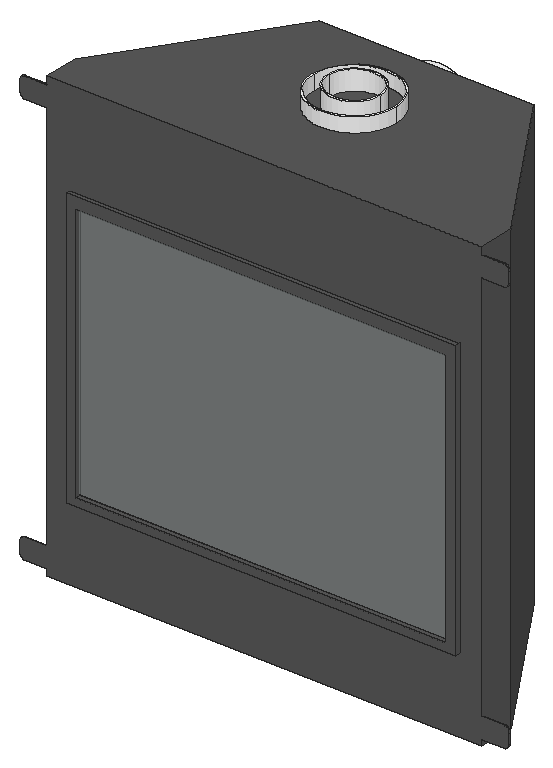
Revit family "DRSQ42", category Generic Models, Revit 2019
Family settings
  Can host rebar = No
  Round Connector Dimension = Use Diameter
  Part Type = Normal
  Work Plane-Based = No
  Always vertical = Yes
  Cut with Voids When Loaded = No
  Shared = No
  Room Calculation Point = No
Parameters
  Width = 12 5/16"
  URL = "https://www.montigo.com/"
  Model = ""
  Manufacturer Fax = ""
  Manufacturer Website = "https://www.montigo.com/"
  Manufacturer Phone - Toll Free = "800-378-3115"
  Manufacturer Phone = ""
  Manufacturer Address = "27342 Gloucester Way  Langley, BC, Canada   V4W 4A1"
  Manufacturer = "Montigo"
  Length = 53 7/16"
  Keynote = ""
  Glazing Tint = Glass - Montigo - Tint as Specified
  Frame Material = Metal - Montigo - Black
  Firebox Material = Metal - Montigo - White
  Fire Place Length = 50 5/16"
  Fire Place Height = 24 1/2"
  Fire Place - Opening = 16 9/16"
  Description = "Montigo Fireplace as Specified"
  Base Height = 6 9/16"
Reference planes (in)
  plane 1 "Center (Front/Back)": y = 0
  plane 2: z = 0
  plane 3 "Center (Left/Right)": x = 0
Forms (in)
  Extrusion 1, solid, material "Metal - Montigo - Black" <- "Frame Material"
    sketch origin (0, 0, 0) x (1, 0, 0) y (0, 1, 0)
      loop
        line (-10.35666, 19.5) -> (-20.99211, 3.43159) -> (-20.99211, 0) -> (20.99496, 0) -> (20.99496, 3.43159) -> (10.35951, 19.5) -> (-10.35666, 19.5)
    from 0 to 43.1875
  Extrusion 2, solid, material "Metal - Montigo - Black" <- "Frame Material"
    sketch origin (42.25, -6.4375, 0) x (-1, 0, 0) y (0, 0, -1)
      loop
        line (19.13211, -42.46979) -> (21.25504, -42.46979) -> (21.25504, -43.1875) -> (63.24211, -43.1875) -> (63.24211, -42.46979) -> (65.36504, -42.46979)
        arc (65.36504, -42.46979) -> (65.71847, -42.32411) -> (65.86476, -41.97093) r 0.49841
        line (65.86476, -41.97093) -> (65.86476, -40.9741)
        arc (65.86476, -40.9741) -> (65.71862, -40.62196) -> (65.36635, -40.47613) r 0.49841
        line (65.36635, -40.47613) -> (63.24211, -40.47613) -> (63.24211, -2.55885) -> (65.36635, -2.55885)
        arc (65.36635, -2.55885) -> (65.71894, -2.41271) -> (65.86476, -2.06) r 0.49841
        line (65.86476, -2.06) -> (65.86476, -1.06406)
        arc (65.86476, -1.06406) -> (65.71883, -0.71123) -> (65.36603, -0.5652) r 0.49841
        line (65.36603, -0.5652) -> (63.24211, -0.5652) -> (63.24211, 0) -> (21.25504, 0) -> (21.25504, -0.5652) -> (19.1308, -0.5652)
        arc (19.1308, -0.5652) -> (18.77837, -0.71118) -> (18.63239, -1.06361) r 0.49841
        line (18.63239, -1.06361) -> (18.63239, -2.06044)
        arc (18.63239, -2.06044) -> (18.77837, -2.41287) -> (19.1308, -2.55885) r 0.49841
        line (19.1308, -2.55885) -> (21.25504, -2.55885) -> (21.25504, -40.47613) -> (19.1308, -40.47613)
        arc (19.1308, -40.47613) -> (18.77837, -40.62212) -> (18.63239, -40.97455) r 0.49841
        line (18.63239, -40.97455) -> (18.63239, -41.97137)
        arc (18.63239, -41.97137) -> (18.77883, -42.32427) -> (19.13211, -42.46979) r 0.49841
      loop
        line (60.99237, -34.06131) -> (60.99237, -7.28107) -> (23.43594, -7.28107) -> (23.43594, -34.06131) -> (60.99237, -34.06131)
    from -6.4375 to -6.5
  Extrusion 3, solid, material "Metal - Montigo - Black" <- "Frame Material"
    sketch origin (42.25, -6.4375, 0) x (-1, 0, 0) y (0, 0, -1)
      loop
        line (24.31614, -32.98523) -> (60.11217, -32.98523) -> (60.11217, -8.06458) -> (24.31614, -8.06458) -> (24.31614, -32.98523)
      loop
        line (60.99237, -7.28107) -> (23.43594, -7.28107) -> (23.43594, -34.06131) -> (60.99237, -34.06131) -> (60.99237, -7.28107)
    from -6.4375 to -5.9375
  Extrusion 4, solid, material "Glass - Montigo - Tint as Specified" <- "Glazing Tint"
    sketch origin (42.25, -6.4375, 0) x (-1, 0, 0) y (0, 0, -1)
      loop
        line (24.31614, -32.98523) -> (60.11217, -32.98523) -> (60.11217, -8.06458) -> (24.31614, -8.06458) -> (24.31614, -32.98523)
    from -6.4375 to -6.375
  Extrusion 5, solid, material "Metal - Montigo - White" <- "Firebox Material"
    sketch origin (0, 0, 0) x (1, 0, 0) y (0, 1, 0)
      loop
        circle (0, 10.81061) r 2.44
      loop
        circle (0, 10.81061) r 2.565
    from 43.1875 to 45.0625
  Extrusion 6, solid, material "Metal - Montigo - White" <- "Firebox Material"
    sketch origin (0, 0, 0) x (1, 0, 0) y (0, 1, 0)
      loop
        circle (0, 10.81061) r 3.9375
      loop
        circle (0, 10.81061) r 4.0625
    from 43.1875 to 44.5625
Cuts and joins
  joined: Extrusion 1, Extrusion 2
Lines and regions (in)
  symbolic lines
    curve 1: line (-17.86217, -6.4375, 32.98523) -> (17.93386, -6.4375, 32.98523)
    curve 2: line (-17.86217, -6.4375, 8.06458) -> (-17.86217, -6.4375, 32.98523)
    curve 3: line (17.93386, -6.4375, 8.06458) -> (-17.86217, -6.4375, 8.06458)
    curve 4: line (17.93386, -6.4375, 32.98523) -> (17.93386, -6.4375, 8.06458)
    curve 5: line (18.81406, -6.4375, 7.28107) -> (-18.74237, -6.4375, 7.28107)
    curve 6: line (18.81406, -6.4375, 34.06131) -> (18.81406, -6.4375, 7.28107)
    curve 7: line (-18.74237, -6.4375, 34.06131) -> (18.81406, -6.4375, 34.06131)
    curve 8: line (-18.74237, -6.4375, 7.28107) -> (-18.74237, -6.4375, 34.06131)
Dimensions and locks (in)
  nested 2 to level = 38.45318"
  cut or joined group of Extrusion 1, Extrusion 2 to level = 43 3/16"
  diameter of Extrusion 5 sketch curve = 4.88"
  diameter of Extrusion 6 sketch curve = 7 7/8"
  aligned and locked: level to plane 2
Nested families (in)
  nested 1: "Duct Dia" at (0, 19.5, 38.45318) x (-1, 0, 0) z (0, 1, 0), type "5""
    with Intake Duct Dia 5", Intake Diameter 4 7/8", Height 2"
  nested 2: "Duct Dia" at (0, 19.5, 38.45318) x (-1, 0, 0) z (0, 1, 0), type "8""
    with Intake Duct Dia 8", Intake Diameter 7 7/8", Height 1 1/2"
Connectors (in)
  hvac at (0, 21.5, 38.45318)
    settings: on nested 1, index 4, duct flow 0.0 L/s, flow factor 0, pres drop 0.0 Pa, loss coef 0, conn angle 0.00°, conn width 304.8 mm, conn height 304.8 mm, conn diameter 127 mm, duct sys type 3, conn prof type 0, flow config 0, flow direction 0, loss method 0, conn ref index -1, conn util no, is conn primary yes, conn desc ""
  hvac at (0, 21, 38.45318)
    settings: on nested 2, index 5, duct flow 0.0 L/s, flow factor 0, pres drop 0.0 Pa, loss coef 0, conn angle 0.00°, conn width 304.8 mm, conn height 304.8 mm, conn diameter 203.2 mm, duct sys type 3, conn prof type 0, flow config 0, flow direction 0, loss method 0, conn ref index -1, conn util no, is conn primary no, conn desc ""
Definition of nested family "Duct Dia"
  Parameters (values of type "15 7/8" Dia.")
    Intake Duct Dia = 15 7/8"
    Intake Diameter = Intake Duct Dia - 1/8"  # 15 3/4"
    Height = 4"
    Firebox Material = none
    Default Elevation = 48"
  Types (12): name | Intake Duct Dia | Intake Diameter | Height
    9 7/8" Dia. | 9 7/8" | 9 3/4" | 4"
    7 7/8" Dia | 7 7/8" | 7 3/4" | 4"
    8 1/8" Dia | 8 1/8" | 8" | 1/4"
    11 3/4" Dia | 11 3/4" | 11 5/8" | 4"
    4" Dia | 10" | 9 7/8" | 4"
    7 3/4" Dia | 7 3/4" | 7 5/8" | 4"
    6 7/8" Dia | 6 7/8" | 6 3/4" | 1/4"
    9 3/4" Dia. | 9 3/4" | 9 5/8" | 4"
    7 1/8" Dia | 7 1/8" | 7" | 1/4"
    11 7/8" Dia. | 11 7/8" | 11 3/4" | 4"
    13 7/8" Dia. | 13 7/8" | 13 3/4" | 4"
    15 7/8" Dia. | 15 7/8" | 15 3/4" | 4"
  Reference planes (in)
    plane 1 "Center (Front/Back)": y = 0
    plane 2: z = 0
    plane 3 "Center (Left/Right)": x = 0
    plane 4: z = 4
  Forms (in)
    Extrusion 1, solid
      sketch origin (0, 0, 0) x (1, 0, 0) y (0, 1, 0)
        loop
          line (-48, 48) -> (-48, -48) -> (48, -48) -> (48, 48) -> (-48, 48)
      from 0 to -12
    Extrusion 2, solid, material <- "Firebox Material"
      sketch origin (0, 0, 0) x (1, 0, 0) y (0, 1, 0)
        loop
          circle (0, 0) r 7.9375
        loop
          circle (0, 0) r 7.875
      from 0 to 4
  Dimensions and locks (in)
    "Height": plane 4 to level
    "Intake Duct Dia": diameter of Extrusion 2 sketch curve
    "Intake Diameter": diameter of Extrusion 2 sketch curve
    aligned and locked: plane 2 to Extrusion 1
    aligned and locked: level to Extrusion 1
    aligned and locked: plane 4 to Extrusion 2
  Automatic sketch dimensions
    Extrusion 1 sketch curve to Extrusion 1 sketch curve = 96"  (x2)
    Extrusion 2 sketch curve to Extrusion 2 sketch curve = 0"  (x2)
    plane 1 "Center (Front/Back)" to Extrusion 2 sketch curve = 0"
    Extrusion 2 sketch curve to plane 3 "Center (Left/Right)" = 0"
